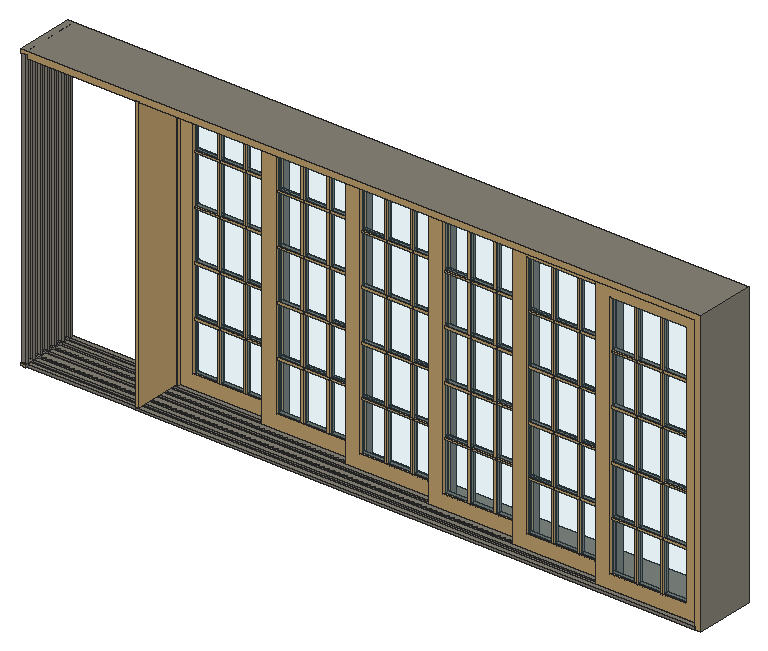
Revit family (continued)
Definition of nested family "Door_Section_Detail"
  Definition of nested family "Head_Detail"
    Lines and regions (in)
      detail lines, style "Cut Lines", in view "Ref. Level", visible <- "Panel 3"
        curve 31: line (-1.5, -5.75391, 0) -> (-0.25, -5.75391, 0)
        curve 39: line (-0.25, -8.76562, 0) -> (-0.25, -6.29297, 0)
      detail lines, style "Cut Lines", in view "Ref. Level", visible <- "Panel 2"
        curve 32: line (-1.5, -2.74219, 0) -> (-1.5, -3.28125, 0)
        curve 33: line (-1.5, -3.28125, 0) -> (-0.25, -3.28125, 0)
        curve 34: line (-1.5, -2.74219, 0) -> (-0.25, -2.74219, 0)
        curve 37: line (-0.25, -5.75391, 0) -> (-0.25, -3.28125, 0)
      detail lines, style "InvisibleLines", in view "Ref. Level", visible <- "Panel 2"
        curve 36: line (-0.25, -3.28125, 0) -> (-0.25, -2.74219, 0)
      detail lines, style "InvisibleLines", in view "Ref. Level", visible <- "Panel 3"
        curve 38: line (-0.25, -6.29297, 0) -> (-0.25, -5.75391, 0)
      detail lines, style "InvisibleLines", in view "Ref. Level", visible <- "Panel 4"
        curve 40: line (-0.25, -9.30469, 0) -> (-0.25, -8.76562, 0)
      detail lines, style "InvisibleLines", in view "Ref. Level", visible <- "Panel 5"
        curve 42: line (-0.25, -12.31641, 0) -> (-0.25, -11.77734, 0)
      detail lines, style "InvisibleLines", in view "Ref. Level", visible <- "Panel 6"
        curve 44: line (-0.25, -15.32813, 0) -> (-0.25, -14.78906, 0)
    Dimensions and locks (in)
      "Jamb Depth": curve 11 to plane 9
      curve 11 to curve 14 to curve 18 = 0' - 0 25/32" locked, 0' - 0 1/4" locked
      locked: curve 22 to curve 20 at 0.25
      equal spacing: plane 8, plane 7, plane 6, plane 5, plane 4, plane 1 "Center (Front/Back)"
      curve 33 to plane 4 to curve 34 = 0' - 0 69/256" locked, 0' - 0 69/256" locked
      curve 30 to plane 5 to curve 31 = 0' - 0 69/256" locked, 0' - 0 69/256" locked
      curve 27 to plane 6 to curve 28 = 0' - 0 69/256" locked, 0' - 0 69/256" locked
      curve 24 to plane 7 to curve 25 = 0' - 0 69/256" locked, 0' - 0 69/256" locked
      curve 16 to plane 8 to curve 19 = 0' - 0 69/256" locked, 0' - 0 69/256" locked
      locked: plane 1 "Center (Front/Back)" to plane 9 at 1.09375
    Automatic sketch dimensions
      curve 10 to plane 1 "Center (Front/Back)" = 0' - 0"
      curve 11 to plane 3 "Center (Left/Right)" = 0' - 0"
      curve 4 to plane 1 "Center (Front/Back)" = 0' - 0"
      curve 27 to plane 3 "Center (Left/Right)" = 0' - 0 1/4"
      curve 9 to plane 1 "Center (Front/Back)" = 0' - 0 13/32"
      curve 9 to plane 3 "Center (Left/Right)" = 0' - 0 27/32"
      curve 27 to curve 27 = 0' - 1 1/4"
      curve 19 to curve 19 = 0' - 1 1/4"
      curve 17 to curve 13 = 0' - 1 1/4"
      curve 20 to curve 8 = 0' - 0 21/32"
      curve 23 to curve 24 = 0' - 1 1/4"
      curve 34 to curve 34 = 0' - 1 1/4"
      curve 31 to curve 31 = 0' - 1 1/4"
      curve 20 to curve 20 = 0' - 0 5/16"
      curve 14 to curve 14 = 0' - 0.471"
      plane 3 "Center (Left/Right)" to curve 4 = 0' - 0.14"
      curve 2 to plane 1 "Center (Front/Back)" = 0' - 0.04499"
      curve 1 to curve 2 = 0' - 1.3275"
      plane 1 "Center (Front/Back)" to curve 5 = 0' - 0.11"
      curve 2 to curve 7 = 0' - 1.04851"
  Definition of nested family "Panel_Section"
    Parameters (values of type "Panel_Detail")
      Height = 7' - 11 9/32"
      Assembly Code = ""
    Reference planes (in)
      plane 1 "Bottom": y = 0
      plane 2: z = 0
      plane 3 "Center (Left/Right)": x = 0
      plane 4: x = 2.21875
      plane 5: y = 95.28125
    Lines and regions (in)
      detail lines, style "Cut Lines", in view "Ref. Level"
        curve 1: line (0.4863, 4.07825, 0) -> (0.4863, 91.203, 0)
        curve 2: line (0.6738, 4.07825, 0) -> (0.6738, 91.203, 0)
        curve 3: line (1.2363, 91.203, 0) -> (1.2363, 4.07825, 0)
        curve 4: line (1.4238, 4.07825, 0) -> (1.4238, 91.203, 0)
    Dimensions and locks (in)
      locked: plane 3 "Center (Left/Right)" to plane 4 at 2.21875
      "Height": plane 1 "Bottom" to plane 5
      aligned and locked: nested 2 to plane 5
      aligned and locked: nested 2 to plane 3 "Center (Left/Right)"
      aligned and locked: nested 1 to plane 1 "Bottom"
      aligned and locked: plane 3 "Center (Left/Right)" to nested 1
      aligned and locked: curve 1 to nested 1  (x2)
      aligned and locked: curve 2 to nested 1
      aligned and locked: nested 1 to curve 2
      aligned and locked: nested 2 to curve 2
      aligned and locked: curve 3 to nested 2
      aligned and locked: nested 1 to curve 3
      aligned and locked: nested 2 to curve 3
      aligned and locked: nested 1 to curve 4
      aligned and locked: curve 4 to nested 1
    Automatic sketch dimensions
      curve 4 to curve 3 = 0' - 0"
      curve 1 to curve 2 = 0' - 0"
    Nested families (in)
      nested 1: "Stile_Detail" at (0, 0, 0) x (0, 1, 0) z (0, 0, 1), type "Stile_Detail", in view "Ref. Level"
      nested 2: "Stile_Detail" at (0, 95.28125, 0) x (0, -1, 0) z (0, 0, 1), type "Stile_Detail", in view "Ref. Level"
    Definition of nested family "Stile_Detail"
      Parameters (values of type "Stile_Detail")
        Assembly Code = ""
      Reference planes (in)
        plane 1 "Center (Front/Back)": y = 0
        plane 2: z = 0
        plane 3 "Center (Left/Right)": x = 0
      Lines and regions (in)
        detail lines, style "Cut Lines", in view "Ref. Level"
          curve 1: line (0, 0, 0) -> (4.48438, 0, 0)
          curve 2: line (4.73438, -2.21875, 0) -> (0, -2.21875, 0)
          curve 3: line (4.73438, -0.39904, 0) -> (4.73438, -0.4375, 0)
          curve 4: line (0, -2.21875, 0) -> (0, 0, 0)
          curve 5: line (4.48438, 0, 0) -> (4.48438, -0.14904, 0)
          curve 6: line (4.48438, -0.14904, 0) -> (4.73438, -0.39904, 0)
          curve 7: line (4, -0.4375, 0) -> (4, -1.5, 0)
          curve 8: line (4, -0.4375, 0) -> (4.73438, -0.4375, 0)
          curve 9: line (4, -1.5, 0) -> (4.73438, -1.5, 0)
          curve 10: line (4.73438, -1.5, 0) -> (4.73438, -2.21875, 0)
          curve 11: line (4.07825, -0.4863, 0) -> (4.07825, -1.4238, 0)
          curve 12: line (4.38075, -0.6738, 0) -> (4.38075, -1.2363, 0)
  Definition of nested family "Sill_Detail"
    Parameters (values of type "Sill_Detail")
      Performance Sill = yes
      Panel 6 = yes
      Panel 5 = yes
      Panel 4 = yes
      Panel 3 = yes
      Panel 2 = yes
      Jamb Depth = 1' - 7 61/64"
      Flush Sill = no
      Assembly Code = ""
    Reference planes (in)
      plane 1 "Center (Front/Back)": y = 0
      plane 2: z = 0
      plane 3 "Center (Left/Right)": x = 0
      plane 4: y = -1.50586
      plane 5: y = -4.51758
      plane 6: y = -7.5293
      plane 7: y = -10.54102
      plane 8: y = -13.55273
      plane 9: y = -16.56445
      plane 10: y = 1.09375
    Lines and regions (in)
      detail lines, style "Cut Lines", in view "Ref. Level"
        curve 1: line (0, 1.03125, 0) -> (0, -18.85938, 0)
        curve 2: line (0, 1.03125, 0) -> (0.75, 1.03125, 0)
        curve 3: line (0.75, 1.03125, 0) -> (0.75, -0.63177, 0)
        curve 10: line (0.75, -18.39063, 0) -> (0.75, -17.12695, 0)
        curve 11: line (0.75, -17.12695, 0) -> (0.25, -17.12695, 0)
        curve 13: line (0.75, -0.63177, 0) -> (0.25, -0.63177, 0)
        curve 26: line (0.25, -2.06836, 0) -> (0.25, -1.55751, 0)
        curve 37: line (0.75, -18.85938, 0) -> (0, -18.85938, 0)
        curve 38: line (0.375, -1.88086, 0) -> (0.375, -1.75586, 0)
        curve 39: line (1.21875, -0.81981, 0) -> (0.375, -0.81981, 0)
        curve 40: line (1.21875, -1.88086, 0) -> (0.375, -1.88086, 0)
        curve 41: line (0.965, -0.94481, 0) -> (0.375, -0.94481, 0)
        curve 42: line (0.965, -1.75586, 0) -> (0.965, -0.94481, 0)
        curve 43: line (0.375, -0.94481, 0) -> (0.375, -0.81981, 0)
        curve 84: line (0.25, -1.13177, 0) -> (0.375, -1.13177, 0)
        curve 85: line (0.25, -1.55751, 0) -> (0.375, -1.55751, 0)
        curve 86: line (0.25, -1.13177, 0) -> (0.25, -0.63177, 0)
        curve 87: line (0.965, -1.75586, 0) -> (0.375, -1.75586, 0)
        curve 88: line (0.375, -1.00877, 0) -> (0.965, -0.94481, 0)
        curve 89: line (0.375, -1.00877, 0) -> (0.375, -1.68052, 0)
        curve 90: line (0.375, -1.68052, 0) -> (0.965, -1.74447, 0)
        curve 91: line (0.965, -1.01515, 0) -> (0.46875, -1.0929, 0)
        curve 92: line (0.46875, -1.59638, 0) -> (0.965, -1.67498, 0)
        curve 93: line (0.46875, -1.0929, 0) -> (0.46875, -1.59638, 0)
      detail lines, style "Cut Lines", in view "Ref. Level", visible <- "Performance Sill"
        curve 4: line (1.8125, -18.85938, 0) -> (0.75, -18.85938, 0)
        curve 5: line (1.8125, -18.39063, 0) -> (1.8125, -18.85938, 0)
        curve 7: line (1.8125, -18.39063, 0) -> (0.75, -18.39063, 0)
      detail lines, style "Cut Lines", in view "Ref. Level", visible <- "Panel 6"
        curve 6: line (0.25, -17.12695, 0) -> (0.25, -15.68945, 0)
        curve 8: line (0.75, -14.11523, 0) -> (0.75, -15.68945, 0)
        curve 9: line (0.75, -15.68945, 0) -> (0.25, -15.68945, 0)
        curve 12: line (0.75, -14.11523, 0) -> (0.25, -14.11523, 0)
        curve 44: line (0.65964, -16.3457, 0) -> (0.455, -16.3457, 0)
        curve 45: line (0.65964, -16.56445, 0) -> (0.455, -16.56445, 0)
        curve 46: line (0.65964, -16.3457, 0) -> (0.65964, -16.56445, 0)
        curve 47: line (0.455, -16.56445, 0) -> (0.37044, -16.7207, 0)
        curve 48: line (0.37044, -16.7207, 0) -> (0.25, -16.7207, 0)
        curve 49: line (0.455, -16.3457, 0) -> (0.37044, -16.18945, 0)
        curve 50: line (0.37044, -16.18945, 0) -> (0.25, -16.18945, 0)
        curve 51: line (0.25, -16.18945, 0) -> (0.25, -16.7207, 0)
      detail lines, style "Cut Lines", in view "Ref. Level", visible <- "Panel 5"
        curve 14: line (0.75, -11.10352, 0) -> (0.75, -12.67773, 0)
        curve 15: line (0.75, -12.67773, 0) -> (0.25, -12.67773, 0)
        curve 16: line (0.75, -11.10352, 0) -> (0.25, -11.10352, 0)
        curve 34: line (0.25, -14.11523, 0) -> (0.25, -12.67773, 0)
        curve 52: line (0.65964, -13.33398, 0) -> (0.455, -13.33398, 0)
        curve 53: line (0.65964, -13.55273, 0) -> (0.455, -13.55273, 0)
        curve 54: line (0.65964, -13.33398, 0) -> (0.65964, -13.55273, 0)
        curve 55: line (0.455, -13.55273, 0) -> (0.37044, -13.70898, 0)
        curve 56: line (0.37044, -13.70898, 0) -> (0.25, -13.70898, 0)
        curve 57: line (0.455, -13.33398, 0) -> (0.37044, -13.17773, 0)
        curve 58: line (0.37044, -13.17773, 0) -> (0.25, -13.17773, 0)
        curve 59: line (0.25, -13.17773, 0) -> (0.25, -13.70898, 0)
      detail lines, style "Cut Lines", in view "Ref. Level", visible <- "Panel 4"
        curve 17: line (0.75, -8.0918, 0) -> (0.75, -9.66602, 0)
        curve 18: line (0.75, -9.66602, 0) -> (0.25, -9.66602, 0)
        curve 19: line (0.75, -8.0918, 0) -> (0.25, -8.0918, 0)
        curve 32: line (0.25, -11.10352, 0) -> (0.25, -9.66602, 0)
        curve 60: line (0.65964, -10.32227, 0) -> (0.455, -10.32227, 0)
        curve 61: line (0.65964, -10.54102, 0) -> (0.455, -10.54102, 0)
        curve 62: line (0.65964, -10.32227, 0) -> (0.65964, -10.54102, 0)
        curve 63: line (0.455, -10.54102, 0) -> (0.37044, -10.69727, 0)
        curve 64: line (0.37044, -10.69727, 0) -> (0.25, -10.69727, 0)
        curve 65: line (0.455, -10.32227, 0) -> (0.37044, -10.16602, 0)
        curve 66: line (0.37044, -10.16602, 0) -> (0.25, -10.16602, 0)
        curve 67: line (0.25, -10.16602, 0) -> (0.25, -10.69727, 0)
      detail lines, style "Cut Lines", in view "Ref. Level", visible <- "Panel 3"
        curve 20: line (0.75, -5.08008, 0) -> (0.75, -6.6543, 0)
        curve 21: line (0.75, -6.6543, 0) -> (0.25, -6.6543, 0)
        curve 22: line (0.75, -5.08008, 0) -> (0.25, -5.08008, 0)
        curve 30: line (0.25, -8.0918, 0) -> (0.25, -6.6543, 0)
        curve 68: line (0.65964, -7.31055, 0) -> (0.455, -7.31055, 0)
        curve 69: line (0.65964, -7.5293, 0) -> (0.455, -7.5293, 0)
        curve 70: line (0.65964, -7.31055, 0) -> (0.65964, -7.5293, 0)
        curve 71: line (0.455, -7.5293, 0) -> (0.37044, -7.68555, 0)
        curve 72: line (0.37044, -7.68555, 0) -> (0.25, -7.68555, 0)
        curve 73: line (0.455, -7.31055, 0) -> (0.37044, -7.1543, 0)
        curve 74: line (0.37044, -7.1543, 0) -> (0.25, -7.1543, 0)
        curve 75: line (0.25, -7.1543, 0) -> (0.25, -7.68555, 0)
      detail lines, style "Cut Lines", in view "Ref. Level", visible <- "Panel 2"
        curve 23: line (0.75, -2.06836, 0) -> (0.75, -3.64258, 0)
        curve 24: line (0.75, -3.64258, 0) -> (0.25, -3.64258, 0)
        curve 25: line (0.75, -2.06836, 0) -> (0.25, -2.06836, 0)
        curve 28: line (0.25, -5.08008, 0) -> (0.25, -3.64258, 0)
        curve 76: line (0.65964, -4.29883, 0) -> (0.455, -4.29883, 0)
        curve 77: line (0.65964, -4.51758, 0) -> (0.455, -4.51758, 0)
        curve 78: line (0.65964, -4.29883, 0) -> (0.65964, -4.51758, 0)
        curve 79: line (0.455, -4.51758, 0) -> (0.37044, -4.67383, 0)
        curve 80: line (0.37044, -4.67383, 0) -> (0.25, -4.67383, 0)
        curve 81: line (0.455, -4.29883, 0) -> (0.37044, -4.14258, 0)
        curve 82: line (0.37044, -4.14258, 0) -> (0.25, -4.14258, 0)
        curve 83: line (0.25, -4.14258, 0) -> (0.25, -4.67383, 0)
      detail lines, style "InvisibleLines", in view "Ref. Level", visible <- "Panel 2"
        curve 27: line (0.25, -3.64258, 0) -> (0.25, -2.06836, 0)
      detail lines, style "InvisibleLines", in view "Ref. Level", visible <- "Panel 3"
        curve 29: line (0.25, -6.6543, 0) -> (0.25, -5.08008, 0)
      detail lines, style "InvisibleLines", in view "Ref. Level", visible <- "Panel 4"
        curve 31: line (0.25, -9.66602, 0) -> (0.25, -8.0918, 0)
      detail lines, style "InvisibleLines", in view "Ref. Level", visible <- "Panel 5"
        curve 33: line (0.25, -12.67773, 0) -> (0.25, -11.10352, 0)
      detail lines, style "InvisibleLines", in view "Ref. Level", visible <- "Panel 6"
        curve 35: line (0.25, -15.68945, 0) -> (0.25, -14.11523, 0)
      detail lines, style "Cut Lines", in view "Ref. Level", visible <- "Flush Sill"
        curve 36: line (0.75, -18.39063, 0) -> (0.75, -18.85938, 0)
    Dimensions and locks (in)
      "Jamb Depth": curve 37 to plane 10
      plane 9 to plane 8 to plane 7 to plane 6 to plane 5 to plane 4 to plane 1 "Center (Front/Back)" = 0' - 3 3/256" locked, 0' - 3 3/256" locked, 0' - 3 3/256" locked, 0' - 3 3/256" locked, 0' - 3 3/256" locked, 0' - 1.50586" locked
      locked: plane 1 "Center (Front/Back)" to curve 2 at 1.03125
      curve 25 to plane 4 to curve 13 = 0' - 0 9/16" locked, 0' - 0.87409" locked
      curve 24 to plane 5 to curve 22 = 0' - 0 7/8" locked, 0' - 0 9/16" locked
      curve 21 to plane 6 to curve 19 = 0' - 0 7/8" locked, 0' - 0 9/16" locked
      curve 18 to plane 7 to curve 16 = 0' - 0 7/8" locked, 0' - 0 9/16" locked
      curve 15 to plane 8 to curve 12 = 0' - 0 7/8" locked, 0' - 0 9/16" locked
      locked: curve 9 to plane 9 at 0.875
      curve 11 to curve 7 to curve 37 = 0' - 1.26367" locked, 0' - 0 15/32" locked
      locked: plane 3 "Center (Left/Right)" to curve 5 at 1.8125
      locked: plane 3 "Center (Left/Right)" to curve 3 at 0.75
      curve 58 to plane 8 to curve 56 = 0' - 0 3/8" locked, 0' - 0 5/32" locked
      curve 66 to plane 7 to curve 64 = 0' - 0 3/8" locked, 0' - 0 5/32" locked
      curve 74 to plane 6 to curve 72 = 0' - 0 3/8" locked, 0' - 0 5/32" locked
      curve 82 to plane 5 to curve 80 = 0' - 0 3/8" locked, 0' - 0 5/32" locked
      curve 50 to plane 9 to curve 48 = 0' - 0 3/8" locked, 0' - 0 5/32" locked
      locked: plane 1 "Center (Front/Back)" to plane 10 at 1.09375
      aligned and locked: curve 3 to curve 23
      aligned and locked: curve 3 to curve 20
      aligned and locked: curve 3 to curve 17
      aligned and locked: curve 3 to curve 14
      aligned and locked: curve 3 to curve 8
      aligned and locked: curve 10 to curve 3
    Automatic sketch dimensions
      curve 1 to plane 3 "Center (Left/Right)" = 0' - 0"
      curve 63 to plane 7 = 0' - 0"
      curve 47 to plane 9 = 0' - 0"
      curve 53 to plane 8 = 0' - 0"
      curve 79 to plane 5 = 0' - 0"
      curve 69 to plane 6 = 0' - 0"
      plane 3 "Center (Left/Right)" to curve 86 = 0' - 0 1/4"
      plane 4 to curve 85 = 0' - 0.05165"
      plane 3 "Center (Left/Right)" to curve 85 = 0' - 0 1/4"
      plane 3 "Center (Left/Right)" to curve 83 = 0' - 0 1/4"
      curve 51 to curve 50 = 0' - 0"
      plane 3 "Center (Left/Right)" to curve 75 = 0' - 0 1/4"
      plane 3 "Center (Left/Right)" to curve 56 = 0' - 0 1/4"
      plane 3 "Center (Left/Right)" to curve 67 = 0' - 0 1/4"
      curve 58 to curve 57 = 0' - 0.12044"
      curve 64 to curve 64 = 0' - 0.12044"
      curve 66 to curve 65 = 0' - 0.12044"
      curve 72 to curve 71 = 0' - 0.12044"
      curve 74 to curve 73 = 0' - 0.12044"
      curve 56 to curve 56 = 0' - 0.12044"
      curve 80 to curve 79 = 0' - 0.12044"
      curve 82 to curve 81 = 0' - 0.12044"
      curve 50 to curve 50 = 0' - 0.12044"
      curve 48 to curve 48 = 0' - 0.12044"
      curve 84 to curve 89 = 0' - 0 1/8"
      curve 43 to curve 88 = 0' - 0"
      curve 87 to curve 89 = 0' - 0"
      plane 9 to curve 49 = 0' - 0 7/32"
      curve 49 to curve 49 = 0' - 0.08456"
      curve 63 to curve 63 = 0' - 0.08456"
      curve 47 to curve 47 = 0' - 0.08456"
      plane 7 to curve 65 = 0' - 0 7/32"
      curve 65 to curve 65 = 0' - 0.08456"
      curve 81 to curve 76 = 0' - 0.08456"
      curve 57 to curve 52 = 0' - 0.08456"
      curve 55 to curve 53 = 0' - 0.08456"
      curve 79 to curve 79 = 0' - 0.08456"
      curve 73 to plane 6 = 0' - 0 7/32"
      curve 73 to curve 73 = 0' - 0.08456"
      curve 71 to curve 69 = 0' - 0.08456"
      plane 4 to curve 92 = 0' - 0.09052"
      curve 85 to curve 92 = 0' - 0 3/32"
      curve 61 to curve 61 = 0' - 0.20464"
      curve 52 to curve 52 = 0' - 0.20464"
      curve 77 to curve 78 = 0' - 0.20464"
      curve 45 to curve 46 = 0' - 0.20464"
      curve 68 to curve 68 = 0' - 0.20464"
      plane 4 to curve 92 = 0' - 0.16912"
      curve 23 to curve 92 = 0' - 0.215"
      curve 42 to curve 40 = 0' - 0.25375"
      curve 41 to curve 39 = 0' - 0.25375"
      curve 52 to plane 8 = 0' - 0 7/32"
      curve 81 to curve 81 = 0' - 0 5/32"
      curve 40 to curve 92 = 0' - 0.20588"
      curve 87 to curve 92 = 0' - 0.08088"
      curve 42 to curve 90 = 0' - 0.01139"
      curve 38 to curve 90 = 0' - 0.07534"
      curve 84 to plane 4 = 0' - 0.37409"
      curve 84 to curve 93 = 0' - 0.03887"
      curve 91 to curve 3 = 0' - 0.38338"
      curve 84 to curve 89 = 0' - 0.123"
      curve 91 to curve 88 = 0' - 0.07034"
      curve 41 to curve 39 = 0' - 0 1/8"
Definition of nested family "Door_Plan_Detail"
  Parameters (values of type "Door_Plan_Detail")
    Width = 18' - 11 21/32"
    W1 = 15' - 8 9/16"
    Stile Overlap = 0' - 4 47/64"
    Panel Width = 2' - 11 17/256"
    Panel 6 = yes
    Panel 5 = yes
    Panel 4 = yes
    Panel 3 = yes
    Panel 2 = yes
    Number of Panels = 6
    Jamb Depth = 1' - 7 61/64"
    Assembly Code = ""
  Reference planes (in)
    plane 1: z = 0
    plane 2 "Center (Left/Right)": x = -0.5
    plane 3: x = -95.28125
    plane 4: x = 93.78125
    plane 5: y = -18.85937
    plane 6: x = -93.85937
    plane 7: x = 92.85938
    plane 8: x = -28.46094
    plane 9: x = -33.19531
    plane 10: x = -58.79297
    plane 11: x = 57.79297
    plane 12: x = -63.52734
    plane 13: x = 1.87109
    plane 14: y = -0.375
    plane 15: y = -3.39453
    plane 16: y = -6.41406
    plane 17: y = -9.43359
    plane 18: x = -2.86328
    plane 19: x = 27.46875
    plane 20: x = 32.20313
    plane 21: y = -12.45313
    plane 22: y = -15.47266
    plane 23: x = -133.875
    plane 24: y = 1.09375
    plane 25: x = -95.78125
    plane 26: x = -94.78125
  Lines and regions (in)
    Masking region 1, in view "Ref. Level"
      outline origin (0, 0, 0) x (1, 0, 0) y (0, 1, 0)
        loop
          line (-133.875, 1.09375) -> (-133.875, -18.85913) -> (93.78125, -18.85913) -> (93.78125, 1.09375) -> (-133.875, 1.09375)
  Dimensions and locks (in)
    equal spacing: plane 6, plane 2 "Center (Left/Right)", plane 7
    "W1": plane 26 to plane 4
    locked: plane 3 to plane 6 at 1.42187
    "Stile Overlap": plane 9 to plane 8
    locked: plane 7 to plane 4 at 0.92188
    "Stile Overlap": plane 12 to plane 10
    "Panel Width": plane 6 to plane 10
    "Panel Width": plane 12 to plane 8
    "Panel Width": plane 9 to plane 13
    "Panel Width": plane 11 to plane 7
    locked: plane 17 to plane 16 at 3.01953
    locked: plane 16 to plane 15 at 3.01953
    locked: plane 15 to plane 14 at 3.01953
    "Stile Overlap": plane 20 to plane 19
    "Panel Width": plane 18 to plane 20
    locked: plane 21 to plane 17 at 3.01953
    locked: plane 5 to plane 22 at 3.38672
    "Stile Overlap": plane 18 to plane 13
    locked: plane 14 to plane 24 at 1.46875
    "Jamb Depth": plane 5 to plane 24
    locked: plane 25 to plane 3 at 0.5
    "Width": plane 23 to plane 4
    locked: plane 26 to plane 6 at 0.92188
    aligned and locked: plane 3 to nested 1
    aligned and locked: nested 2 to plane 4
    aligned and locked: plane 6 to nested 3
    aligned and locked: plane 14 to nested 3
    aligned and locked: plane 15 to nested 4
    aligned and locked: plane 12 to nested 4
    aligned and locked: plane 9 to nested 5
    aligned and locked: plane 16 to nested 5
    aligned and locked: plane 11 to nested 6
    aligned and locked: plane 22 to nested 6
    aligned and locked: plane 18 to nested 7
    aligned and locked: plane 17 to nested 7
    aligned and locked: nested 8 to plane 19
    aligned and locked: plane 21 to nested 8
    aligned and locked: nested 2 to Masking region 1 sketch curve
    aligned and locked: Masking region 1 sketch curve to nested 2
    aligned and locked: nested 9 to plane 23
    aligned and locked: plane 24 to nested 9
    aligned and locked: plane 24 to nested 1
    aligned and locked: nested 2 to plane 24
    aligned and locked: plane 24 to Masking region 1 sketch curve
    aligned and locked: Masking region 1 sketch curve to plane 23
  Nested families (in)
    nested 1: "Pocket_Detail" at (-95.28125, 0, 0), type "Jamb_Detail", in view "Ref. Level"
    nested 2: "Jamb_Detail" at (93.78125, 0.00025, 0), type "Jamb_Detail", in view "Ref. Level"
    nested 3: "Panel_Detail" at (-76.32617, -0.375, 0), type "Panel", in view "Ref. Level"
      with Stile End Line no, Meeting Flange no, Width 2' - 11 17/256"
    nested 4: "Panel_Detail" at (-45.99414, -3.39453, 0), visible <- "Panel 2", type "Panel", in view "Ref. Level"
      with Meeting Flange yes, Width 2' - 11 17/256"
    nested 5: "Panel_Detail" at (-15.66211, -6.41406, 0), visible <- "Panel 3", type "Panel", in view "Ref. Level"
      with Meeting Flange yes, Width 2' - 11 17/256"
    nested 6: "Panel_Detail" at (75.32617, -15.47266, 0), visible <- "Panel 6", type "Panel", in view "Ref. Level"
      with Meeting Flange yes, Width 2' - 11 17/256"
    nested 7: "Panel_Detail" at (14.66992, -9.43359, 0), visible <- "Panel 4", type "Panel", in view "Ref. Level"
      with Meeting Flange yes, Width 2' - 11 17/256"
    nested 8: "Panel_Detail" at (45.00195, -12.45313, 0), visible <- "Panel 5", type "Panel", in view "Ref. Level"
      with Meeting Flange yes, Width 2' - 11 17/256"
    nested 9: "Jamb_Detail_Pocket" at (-133.875, 0.00025, 0) x (-1, 0, 0) z (0, 0, 1), type "Jamb_Detail", in view "Ref. Level"
  Definition of nested family "Pocket_Detail"
    Parameters (values of type "Jamb_Detail")
      Pocket Depth = 1' - 7 61/64"
      Assembly Code = ""
    Reference planes (in)
      plane 1: z = 0
      plane 2 "Center (Left/Right)": x = 0
      plane 3: y = 1.09375
      plane 4: y = -18.85938
      plane 5: y = 0
    Lines and regions (in)
      detail lines, style "Cut Lines", in view "Ref. Level", detail levels fine
        curve 1: line (0.42092, 1.031, 0) -> (-1.4675, 1.031, 0)
        curve 2: line (-1.4675, 1.0935, 0) -> (0, 1.0935, 0)
        curve 3: line (-1.4675, 1.031, 0) -> (-1.4675, 1.0935, 0)
        curve 4: line (0.10925, -3.625, 0) -> (0.10925, -18.85938, 0)
        curve 5: line (0.0625, 1.0935, 0) -> (1.31425, 1.0935, 0)
        curve 6: line (1.31425, 1.0935, 0) -> (1.31425, 0.4375, 0)
        curve 7: line (1.31425, 0.4375, 0) -> (2.283, 0.4375, 0)
        curve 8: line (2.283, 0.4375, 0) -> (2.283, 0, 0)
        curve 9: line (1.908, 0, 0) -> (2.283, 0, 0)
        curve 10: line (1.203, -18.85938, 0) -> (0.10925, -18.85938, 0)
        curve 11: line (1.908, 0, 0) -> (1.908, -0.25, 0)
        curve 12: line (0.64165, -0.192, 0) -> (0.801, -0.25, 0)
        curve 13: line (1.908, -0.25, 0) -> (0.801, -0.25, 0)
        curve 14: line (1.203, -3.625, 0) -> (1.203, -18.85938, 0)
        curve 15: line (0.17188, -2.59879, 0) -> (1.70375, -2.59879, 0)
        curve 21: line (-2.40625, 0.15121, 0) -> (-2.40625, -3.625, 0)
        curve 22: line (-0.30031, 0.15121, 0) -> (-2.40625, 0.15121, 0)
        curve 23: line (-0.30031, 0.15121, 0) -> (-0.24561, 0.22934, 0)
        curve 24: line (0.25, 0.22934, 0) -> (-0.24561, 0.22934, 0)
        curve 25: line (0.25, 0.22934, 0) -> (0.25, 0.18849, 0)
        curve 26: line (0.13637, 0.02621, 0) -> (0.25, 0.18849, 0)
        curve 27: line (-0.59375, 0.02621, 0) -> (0.13637, 0.02621, 0)
        curve 28: line (-0.59375, -0.38004, 0) -> (-0.59375, 0.02621, 0)
        curve 29: line (0.42092, 0.32362, 0) -> (0.42092, 1.031, 0)
        curve 30: line (0.42092, 0.32362, 0) -> (0.17985, -0.02066, 0)
        curve 31: line (0.17985, -0.02066, 0) -> (-0.46142, -0.02066, 0)
        curve 32: line (-0.46142, -0.02066, 0) -> (-0.51562, -0.04594, 0)
        curve 33: line (-0.51562, -0.04594, 0) -> (-0.51562, -0.13004, 0)
        curve 34: line (-0.51562, -0.13004, 0) -> (0.64165, -0.13004, 0)
        curve 35: line (-2.40625, -3.625, 0) -> (0.10925, -3.625, 0)
        curve 36: line (1.42188, -0.38004, 0) -> (-0.59375, -0.38004, 0)
        curve 37: line (0.64165, -0.192, 0) -> (0.64165, -0.13004, 0)
        curve 38: line (0.17188, -2.59879, 0) -> (0.17188, -0.38004, 0)
        curve 39: line (1.70375, -2.59879, 0) -> (1.70375, -3.22381, 0)
        curve 40: line (1.203, -3.625, 0) -> (1.30256, -3.625, 0)
        curve 41: line (1.70375, -3.22381, 0) -> (1.30256, -3.625, 0)
        curve 42: line (0, 2.8435, 0) -> (0, 1.0935, 0)
        curve 43: line (0.0625, 2.8435, 0) -> (0.0625, 1.0935, 0)
        curve 44: line (0, 2.8435, 0) -> (0.0625, 2.8435, 0)
      detail lines, style "Frame Cut", in view "Ref. Level", detail levels coarse+medium
        curve 16: line (0, 1.0935, 0) -> (0, 0.15121, 0)
        curve 17: line (0.10925, -18.85938, 0) -> (1.203, -18.85938, 0)
        curve 18: line (1.203, -18.85938, 0) -> (1.203, -3.625, 0)
        curve 19: line (0, 1.0935, 0) -> (2.283, 1.0935, 0)
        curve 20: line (2.283, -0.38004, 0) -> (2.283, 1.0935, 0)
        curve 45: line (-2.40625, 0.15121, 0) -> (-2.40625, -3.625, 0)
        curve 46: line (-2.40625, -3.625, 0) -> (0.10925, -3.625, 0)
        curve 47: line (-2.40625, 0.15121, 0) -> (0, 0.15121, 0)
        curve 48: line (2.283, -0.38004, 0) -> (0.17188, -0.38004, 0)
        curve 49: line (0.10925, -3.625, 0) -> (0.10925, -18.85938, 0)
        curve 50: line (0.17188, -2.59879, 0) -> (1.70375, -2.59879, 0)
        curve 51: line (0.17188, -0.38004, 0) -> (0.17188, -2.59879, 0)
        curve 52: line (1.70375, -2.59879, 0) -> (1.70375, -3.625, 0)
        curve 53: line (1.203, -3.625, 0) -> (1.70375, -3.625, 0)
    Dimensions and locks (in)
      "Pocket Depth": plane 4 to plane 3
      locked: plane 5 to plane 3 at 1.09375
      aligned and locked: plane 4 to curve 17
      aligned and locked: curve 46 to curve 40
      aligned and locked: curve 47 to curve 22
      aligned and locked: curve 20 to curve 8
      aligned and locked: curve 16 to plane 2 "Center (Left/Right)"
      aligned and locked: curve 51 to curve 38
    Automatic sketch dimensions
      curve 11 to plane 5 = 0' - 0"
      curve 24 to plane 2 "Center (Left/Right)" = 0' - 0.24561"
      curve 22 to curve 23 = 0' - 0 7/128"
      plane 5 to curve 31 = 0' - 0.02066"
      curve 31 to curve 22 = 0' - 0.16111"
      curve 33 to curve 31 = 0' - 0.05421"
      curve 27 to plane 5 = 0' - 0.02621"
      curve 27 to curve 32 = 0' - 0 5/64"
      plane 3 to curve 3 = 0' - 0.00025"
      curve 3 to curve 27 = 0' - 0.87375"
      curve 47 to plane 5 = 0' - 0.15121"
      curve 47 to curve 1 = 0' - 0.93875"
      plane 2 "Center (Left/Right)" to curve 43 = 0' - 0 1/16"
      plane 2 "Center (Left/Right)" to curve 17 = 0' - 0.10925"
      plane 2 "Center (Left/Right)" to curve 26 = 0' - 0.13637"
      plane 2 "Center (Left/Right)" to curve 51 = 0' - 0 11/64"
      curve 26 to curve 30 = 0' - 0.04348"
      curve 26 to curve 26 = 0' - 0.11363"
      plane 3 to curve 29 = 0' - 0.06275"
      curve 5 to curve 29 = 0' - 0.35842"
      plane 5 to curve 12 = 0' - 0.192"
      curve 30 to curve 12 = 0' - 0.4618"
      curve 12 to curve 13 = 0' - 0.15935"
      curve 4 to curve 18 = 0' - 1 3/32"
      curve 53 to curve 41 = 0' - 0.09956"
      plane 3 to curve 6 = 0' - 0.00025"
      curve 1 to curve 6 = 0' - 0.89333"
      curve 12 to curve 36 = 0' - 0.62088"
      curve 36 to curve 11 = 0' - 0.48613"
      curve 9 to curve 8 = 0' - 0 3/8"
      curve 40 to curve 12 = 0' - 3.433"
      curve 52 to curve 39 = 0' - 0.40119"
      curve 4 to curve 51 = 0' - 1.02621"
      plane 5 to curve 48 = 0' - 0.38004"
      plane 5 to curve 36 = 0' - 0.38004"
      plane 5 to curve 13 = 0' - 0 1/4"
      curve 12 to curve 37 = 0' - 0.06196"
      plane 5 to curve 32 = 0' - 0.04594"
      curve 25 to plane 5 = 0' - 0.18849"
      curve 25 to curve 25 = 0' - 0.04085"
      curve 24 to curve 29 = 0' - 0.09428"
      curve 8 to curve 7 = 0' - 0 7/16"
      curve 43 to plane 3 = 0' - 1.74975"
      curve 40 to curve 39 = 0' - 0.40119"
  Definition of nested family "Jamb_Detail"
    Parameters (values of type "Jamb_Detail")
      Pocket Depth = 1' - 7 61/64"
      Assembly Code = ""
    Reference planes (in)
      plane 1 "Center (Front/Back)": y = 0
      plane 2: z = 0
      plane 3 "Center (Left/Right)": x = 0
      plane 4: y = 1.09375
    Lines and regions (in)
      detail lines, style "Cut Lines", in view "Ref. Level", detail levels fine
        curve 1: line (0, 1.0935, 0) -> (0, -18.85938, 0)
        curve 2: line (0, 1.0935, 0) -> (-0.84375, 1.0935, 0)
        curve 3: line (-0.84375, 1.0935, 0) -> (-0.84375, 0.40625, 0)
        curve 4: line (-0.84375, 0.40625, 0) -> (-1.8125, 0.40625, 0)
        curve 5: line (-1.8125, 0.40625, 0) -> (-1.8125, -15.07812, 0)
        curve 6: line (-1.971, -18.85938, 0) -> (0, -18.85938, 0)
        curve 7: line (-1.971, -18.07813, 0) -> (-1.971, -18.85938, 0)
        curve 8: line (-0.8125, -17.82813, 0) -> (-0.8125, -15.32813, 0)
        curve 9: line (-1.971, -18.07813, 0) -> (-1.5, -18.07813, 0)
        curve 10: line (-1.5, -15.07812, 0) -> (-1.8125, -15.07812, 0)
        curve 11: line (-1.5, -15.07812, 0) -> (-1.5, -15.32813, 0)
        curve 12: line (-1.5, -15.32813, 0) -> (-0.8125, -15.32813, 0)
        curve 13: line (-1.5, -18.07813, 0) -> (-1.5, -17.82813, 0)
        curve 14: line (-1.5, -17.82813, 0) -> (-0.8125, -17.82813, 0)
      detail lines, style "Frame Cut", in view "Ref. Level", detail levels coarse+medium
        curve 15: line (0, 1.0935, 0) -> (0, -18.85938, 0)
        curve 16: line (-1.8125, 1.0935, 0) -> (0, 1.0935, 0)
        curve 17: line (-1.8125, 1.0935, 0) -> (-1.8125, -15.48437, 0)
        curve 18: line (0, -18.85938, 0) -> (-1.971, -18.85937, 0)
        curve 19: line (-1.971, -18.85938, 0) -> (-1.971, -17.70312, 0)
    Dimensions and locks (in)
      "Pocket Depth": curve 6 to plane 4
      curve 6 to curve 9 to curve 14 to curve 12 to curve 10 = 0' - 0 25/32" locked, 0' - 0 1/4" locked, 0' - 2 1/2" locked, 0' - 0 1/4" locked
      curve 17 to curve 19 to curve 18 = 0' - 2 7/32" locked, 0' - 1 5/32" locked
      locked: plane 1 "Center (Front/Back)" to plane 4 at 1.09375
    Automatic sketch dimensions
      curve 6 to plane 3 "Center (Left/Right)" = 0' - 0"
      curve 8 to plane 3 "Center (Left/Right)" = 0' - 0 13/16"
      curve 3 to plane 1 "Center (Front/Back)" = 0' - 0 13/32"
      curve 3 to plane 3 "Center (Left/Right)" = 0' - 0 27/32"
      curve 9 to curve 8 = 0' - 0 11/16"
      curve 10 to curve 8 = 0' - 0 11/16"
      curve 10 to curve 10 = 0' - 0 5/16"
      plane 4 to curve 17 = 0' - 0.00025"
      curve 17 to curve 4 = 0' - 0"
      curve 9 to curve 9 = 0' - 0.471"
  Definition of nested family "Panel_Detail"
    Parameters (values of type "Panel")
      Width = 4' - 2 19/128"
      Stile End Line [instance] = yes
      Meeting Flange [instance] = yes
      Assembly Code = ""
    Types (2): name
      Panel
      Panel_Cntpry
    Reference planes (in)
      plane 1 "Center (Front/Back)": y = 0
      plane 2: z = 0
      plane 3 "Center (Left/Right)": x = 0
      plane 4: x = -25.07422
      plane 5: x = 25.07422
    Lines and regions (in)
      detail lines, style "Cut Lines", in view "Ref. Level", detail levels fine
        curve 1: line (-20.99597, -0.4863, 0) -> (20.99597, -0.4863, 0)
        curve 2: line (-20.99597, -0.6738, 0) -> (20.99597, -0.6738, 0)
        curve 3: line (-20.99597, -1.2363, 0) -> (20.99597, -1.2363, 0)
        curve 4: line (-20.99597, -1.4238, 0) -> (20.99597, -1.4238, 0)
      detail lines, style "Cut Lines", in view "Ref. Level", visible <- "Meeting Flange", detail levels fine
        curve 5: line (-22.37453, 0.53125, 0) -> (-24.48047, 0.53125, 0)
        curve 6: line (-24.48047, 0.53125, 0) -> (-24.48047, 0, 0)
        curve 7: line (-22.66797, 0, 0) -> (-22.66797, 0.40625, 0)
        curve 8: line (-22.66797, 0.40625, 0) -> (-21.93785, 0.40625, 0)
        curve 9: line (-22.58984, 0.25, 0) -> (-20.33984, 0.25, 0)
        curve 10: line (-21.6533, 0.64917, 0) -> (-21.85622, 0.35937, 0)
        curve 11: line (-20.33984, 0.25, 0) -> (-20.33984, 0.80078, 0)
        curve 12: line (-21.93785, 0.40625, 0) -> (-21.82422, 0.56853, 0)
        curve 13: line (-21.82422, 0.60937, 0) -> (-22.31983, 0.60938, 0)
        curve 14: line (-21.82422, 0.60937, 0) -> (-21.82422, 0.56853, 0)
        curve 15: line (-21.85622, 0.35937, 0) -> (-22.53564, 0.35938, 0)
        curve 16: line (-22.53564, 0.35938, 0) -> (-22.58984, 0.3341, 0)
        curve 17: line (-22.58984, 0.3341, 0) -> (-22.58984, 0.25, 0)
        curve 18: line (-21.6533, 0.64917, 0) -> (-21.6533, 0.80078, 0)
        curve 19: line (-22.37453, 0.53125, 0) -> (-22.31983, 0.60938, 0)
      detail lines, style "Panel Cut", in view "Ref. Level", visible <- "Stile End Line", detail levels coarse+medium
        curve 20: line (-25.07422, -2.21875, 0) -> (-25.07422, 0, 0)
      detail lines, style "Panel Cut", in view "Ref. Level", detail levels coarse+medium
        curve 21: line (-25.07422, 0, 0) -> (-20.33984, 0, 0)
        curve 22: line (-20.33984, 0, 0) -> (-20.33984, -2.21875, 0)
        curve 23: line (-20.33984, -2.21875, 0) -> (-25.07422, -2.21875, 0)
        curve 24: line (20.33984, 0, 0) -> (20.33984, -2.21875, 0)
        curve 25: line (20.33984, -2.21875, 0) -> (25.07422, -2.21875, 0)
        curve 26: line (25.07422, -2.21875, 0) -> (25.07422, 0, 0)
        curve 27: line (25.07422, 0, 0) -> (20.33984, 0, 0)
        curve 28: line (-20.33984, -1.10937, 0) -> (20.33984, -1.10938, 0)
      detail lines, in view "Ref. Level", detail levels coarse+medium
        curve 29: line (-20.33984, 0, 0) -> (20.33984, 0, 0)
        curve 30: line (-20.33984, -2.21875, 0) -> (20.33984, -2.21875, 0)
    Dimensions and locks (in)
      equal spacing: plane 4, plane 3 "Center (Left/Right)", plane 5
      "Width": plane 4 to plane 5
      aligned and locked: plane 4 to nested 1
      aligned and locked: plane 1 "Center (Front/Back)" to nested 1
      aligned and locked: nested 2 to plane 5
      aligned and locked: nested 2 to plane 1 "Center (Front/Back)"
      aligned and locked: curve 1 to nested 1  (x2)
      aligned and locked: nested 1 to curve 4
      aligned and locked: curve 4 to nested 1
      aligned and locked: nested 1 to curve 2
      aligned and locked: nested 2 to curve 2
      aligned and locked: nested 1 to curve 3
      aligned and locked: nested 2 to curve 3
      aligned and locked: curve 1 to nested 2
      aligned and locked: nested 2 to curve 4
      aligned and locked: nested 1 to curve 11
      aligned and locked: curve 20 to nested 1
      aligned and locked: curve 21 to nested 1
      aligned and locked: curve 22 to nested 1
      aligned and locked: curve 23 to nested 1
      aligned and locked: curve 24 to nested 2
      aligned and locked: curve 25 to nested 2
      aligned and locked: curve 26 to nested 2
      aligned and locked: curve 27 to nested 2
      aligned and locked: plane 1 "Center (Front/Back)" to curve 29
    Automatic sketch dimensions
      plane 4 to curve 5 = 0' - 0 19/32"
      curve 7 to curve 1 = 0' - 1.672"
      curve 7 to curve 17 = 0' - 0 5/64"
      curve 16 to plane 1 "Center (Front/Back)" = 0' - 0 23/64"
      curve 16 to curve 16 = 0' - 0.05421"
      curve 19 to plane 1 "Center (Front/Back)" = 0' - 0 17/32"
      curve 15 to curve 19 = 0' - 0.16111"
      curve 5 to curve 13 = 0' - 0 7/128"
      curve 13 to curve 8 = 0' - 0.38198"
      curve 8 to curve 15 = 0' - 0.08163"
      curve 8 to curve 13 = 0' - 0.11363"
      curve 13 to curve 18 = 0' - 0.17092"
      curve 4 to curve 3 = 0' - 0 3/16"
      curve 3 to curve 28 = 0' - 0.12693"
      curve 2 to curve 1 = 0' - 0 3/16"
      curve 17 to curve 15 = 0' - 0 7/64"
      curve 16 to curve 15 = 0' - 0.02528"
      curve 10 to curve 12 = 0' - 0 3/64"
      curve 8 to curve 14 = 0' - 0.16228"
      curve 5 to curve 13 = 0' - 0 5/64"
      curve 13 to curve 18 = 0' - 0.0398"
      curve 10 to curve 18 = 0' - 0.15161"
      curve 9 to curve 11 = 0' - 0 141/256"
    Nested families (in)
      nested 1: "Stile_Detail" at (-25.07422, 0, 0), Stile End Line <- "Stile End Line", type "Stile_Detail", in view "Ref. Level", detail levels fine
      nested 2: "Stile_Detail" at (25.07422, 0, 0) x (-1, 0, 0) z (0, 0, 1), type "Stile_Detail", in view "Ref. Level", detail levels fine
    Definition of nested family "Stile_Detail"
      Parameters (values of type "Stile_Detail")
        Stile End Line [instance] = yes
        Assembly Code = ""
      Reference planes (in)
        plane 1 "Center (Front/Back)": y = 0
        plane 2: z = 0
        plane 3 "Center (Left/Right)": x = 0
      Lines and regions (in)
        detail lines, style "Cut Lines", in view "Ref. Level"
          curve 1: line (0, 0, 0) -> (4.48438, 0, 0)
          curve 2: line (4.73438, -2.21875, 0) -> (0, -2.21875, 0)
          curve 3: line (4.73438, -0.39904, 0) -> (4.73438, -0.4375, 0)
          curve 5: line (4.48438, 0, 0) -> (4.48438, -0.14904, 0)
          curve 6: line (4.48438, -0.14904, 0) -> (4.73438, -0.39904, 0)
          curve 7: line (4, -0.4375, 0) -> (4, -1.5, 0)
          curve 8: line (4, -0.4375, 0) -> (4.73438, -0.4375, 0)
          curve 9: line (4, -1.5, 0) -> (4.73438, -1.5, 0)
          curve 10: line (4.73438, -1.5, 0) -> (4.73438, -2.21875, 0)
          curve 11: line (4.07825, -0.4863, 0) -> (4.07825, -1.4238, 0)
          curve 12: line (4.38075, -0.6738, 0) -> (4.38075, -1.2363, 0)
        detail lines, style "Cut Lines", in view "Ref. Level", visible <- "Stile End Line"
          curve 4: line (0, -2.21875, 0) -> (0, 0, 0)
  Definition of nested family "Jamb_Detail_Pocket"
    Parameters (values of type "Jamb_Detail")
      Panel 6 = yes
      Panel 5 = yes
      Panel 4 = yes
      Panel 3 = yes
      Pocket Depth = 1' - 7 61/64"
      Panel 2 = yes
      Assembly Code = ""
    Reference planes (in)
      plane 1 "Center (Front/Back)": y = 0
      plane 2: z = 0
      plane 3 "Center (Left/Right)": x = 0
      plane 4: y = -3.01172
      plane 5: y = -6.02344
      plane 6: y = -9.03516
      plane 7: y = -12.04688
      plane 8: y = -15.05859
      plane 9: y = 1.09375
      plane 10: y = -18.07031
      plane 11: y = -18.85938
    Lines and regions (in)
      detail lines, style "Cut Lines", in view "Ref. Level", detail levels fine
        curve 1: line (0, 1.0935, 0) -> (0, -18.33984, 0)
        curve 2: line (0, 1.0935, 0) -> (-0.84375, 1.0935, 0)
        curve 3: line (-0.84375, 1.0935, 0) -> (-0.84375, 0.40625, 0)
        curve 4: line (-0.84375, 0.40625, 0) -> (-1.8125, 0.40625, 0)
        curve 5: line (-1.8125, 0.40625, 0) -> (-1.8125, 0, 0)
        curve 9: line (-1.5, -17.80078, 0) -> (-0.25, -17.80078, 0)
        curve 11: line (-1.5, 0, 0) -> (-1.8125, 0, 0)
        curve 12: line (-1.5, 0, 0) -> (-1.5, -0.25, 0)
        curve 13: line (-1.5, -0.25, 0) -> (-0.25, -0.25, 0)
        curve 26: line (-0.25, -2.74219, 0) -> (-0.25, -0.25, 0)
        curve 36: line (-1.5, -17.80078, 0) -> (-1.5, -18.33984, 0)
        curve 37: line (-1.5, -18.33984, 0) -> (0, -18.33984, 0)
      detail lines, style "Cut Lines", in view "Ref. Level", visible <- "Panel 6", detail levels fine
        curve 6: line (-0.25, -17.80078, 0) -> (-0.25, -15.32813, 0)
        curve 7: line (-1.5, -14.78906, 0) -> (-1.5, -15.32813, 0)
        curve 8: line (-1.5, -15.32813, 0) -> (-0.25, -15.32813, 0)
        curve 10: line (-1.5, -14.78906, 0) -> (-0.25, -14.78906, 0)
      detail lines, style "Cut Lines", in view "Ref. Level", visible <- "Panel 5", detail levels fine
        curve 14: line (-1.5, -11.77734, 0) -> (-1.5, -12.31641, 0)
        curve 15: line (-1.5, -12.31641, 0) -> (-0.25, -12.31641, 0)
        curve 16: line (-1.5, -11.77734, 0) -> (-0.25, -11.77734, 0)
        curve 34: line (-0.25, -14.78906, 0) -> (-0.25, -12.31641, 0)
      detail lines, style "Cut Lines", in view "Ref. Level", visible <- "Panel 4", detail levels fine
        curve 17: line (-1.5, -8.76562, 0) -> (-1.5, -9.30469, 0)
        curve 18: line (-1.5, -9.30469, 0) -> (-0.25, -9.30469, 0)
        curve 19: line (-1.5, -8.76562, 0) -> (-0.25, -8.76562, 0)
        curve 32: line (-0.25, -11.77734, 0) -> (-0.25, -9.30469, 0)
      detail lines, style "Cut Lines", in view "Ref. Level", visible <- "Panel 3", detail levels fine
        curve 20: line (-1.5, -5.75391, 0) -> (-1.5, -6.29297, 0)
        curve 21: line (-1.5, -6.29297, 0) -> (-0.25, -6.29297, 0)
        curve 22: line (-1.5, -5.75391, 0) -> (-0.25, -5.75391, 0)
        curve 30: line (-0.25, -8.76562, 0) -> (-0.25, -6.29297, 0)
      detail lines, style "Cut Lines", in view "Ref. Level", visible <- "Panel 2", detail levels fine
        curve 23: line (-1.5, -2.74219, 0) -> (-1.5, -3.28125, 0)
        curve 24: line (-1.5, -3.28125, 0) -> (-0.25, -3.28125, 0)
        curve 25: line (-1.5, -2.74219, 0) -> (-0.25, -2.74219, 0)
        curve 28: line (-0.25, -5.75391, 0) -> (-0.25, -3.28125, 0)
      detail lines, style "InvisibleLines", in view "Ref. Level", visible <- "Panel 2", detail levels fine
        curve 27: line (-0.25, -3.28125, 0) -> (-0.25, -2.74219, 0)
      detail lines, style "InvisibleLines", in view "Ref. Level", visible <- "Panel 3", detail levels fine
        curve 29: line (-0.25, -6.29297, 0) -> (-0.25, -5.75391, 0)
      detail lines, style "InvisibleLines", in view "Ref. Level", visible <- "Panel 4", detail levels fine
        curve 31: line (-0.25, -9.30469, 0) -> (-0.25, -8.76562, 0)
      detail lines, style "InvisibleLines", in view "Ref. Level", visible <- "Panel 5", detail levels fine
        curve 33: line (-0.25, -12.31641, 0) -> (-0.25, -11.77734, 0)
      detail lines, style "InvisibleLines", in view "Ref. Level", visible <- "Panel 6", detail levels fine
        curve 35: line (-0.25, -15.32813, 0) -> (-0.25, -14.78906, 0)
      detail lines, style "Frame Cut", in view "Ref. Level", detail levels coarse+medium
        curve 38: line (0, 1.09375, 0) -> (-1.8125, 1.09375, 0)
        curve 39: line (0, 1.09375, 0) -> (0, -18.33984, 0)
        curve 40: line (-0.25, -0.25, 0) -> (-0.25, -17.80078, 0)
        curve 41: line (-1.5, -18.33984, 0) -> (0, -18.33984, 0)
        curve 42: line (-0.25, -17.80078, 0) -> (-1.5, -17.80078, 0)
        curve 43: line (-1.5, -17.80078, 0) -> (-1.5, -18.33984, 0)
        curve 44: line (-0.25, -0.25, 0) -> (-1.8125, -0.25, 0)
        curve 45: line (-1.8125, -0.25, 0) -> (-1.8125, 1.09375, 0)
        curve 46: line (-1.5, -18.33984, 0) -> (0, -18.33984, 0)
    Dimensions and locks (in)
      "Pocket Depth": plane 11 to plane 9
      locked: curve 13 to curve 11 at 0.25
      equal spacing: plane 8, plane 7, plane 6, plane 5, plane 4, plane 1 "Center (Front/Back)"
      curve 24 to plane 4 to curve 25 = 0' - 0 69/256" locked, 0' - 0 69/256" locked
      curve 21 to plane 5 to curve 22 = 0' - 0 69/256" locked, 0' - 0 69/256" locked
      curve 18 to plane 6 to curve 19 = 0' - 0 69/256" locked, 0' - 0 69/256" locked
      curve 15 to plane 7 to curve 16 = 0' - 0 69/256" locked, 0' - 0 69/256" locked
      curve 8 to plane 8 to curve 10 = 0' - 0 69/256" locked, 0' - 0 69/256" locked
      locked: plane 1 "Center (Front/Back)" to plane 9 at 1.09375
      curve 37 to plane 10 to curve 9 = 0' - 0 69/256" locked, 0' - 0 69/256" locked
      locked: plane 10 to plane 11 at 0.78906
      aligned and locked: curve 38 to plane 9
      aligned and locked: curve 39 to plane 3 "Center (Left/Right)"
      aligned and locked: curve 40 to curve 28
      aligned and locked: curve 9 to curve 42
      aligned and locked: curve 26 to curve 40
      aligned and locked: curve 44 to curve 13
      aligned and locked: curve 45 to curve 5
    Automatic sketch dimensions
      curve 11 to plane 1 "Center (Front/Back)" = 0' - 0"
      curve 19 to plane 3 "Center (Left/Right)" = 0' - 0 1/4"
      plane 9 to curve 2 = 0' - 0.00025"
      curve 2 to plane 3 "Center (Left/Right)" = 0' - 0 27/32"
      curve 46 to curve 6 = 0' - 1 1/4"
      curve 20 to curve 21 = 0' - 1 1/4"
      curve 19 to curve 19 = 0' - 1 1/4"
      curve 23 to curve 25 = 0' - 1 1/4"
      curve 16 to curve 16 = 0' - 1 1/4"
      curve 13 to curve 3 = 0' - 0 21/32"
      curve 10 to curve 10 = 0' - 1 1/4"
      curve 4 to curve 11 = 0' - 0 5/16"
      curve 4 to plane 1 "Center (Front/Back)" = 0' - 0 13/32"
